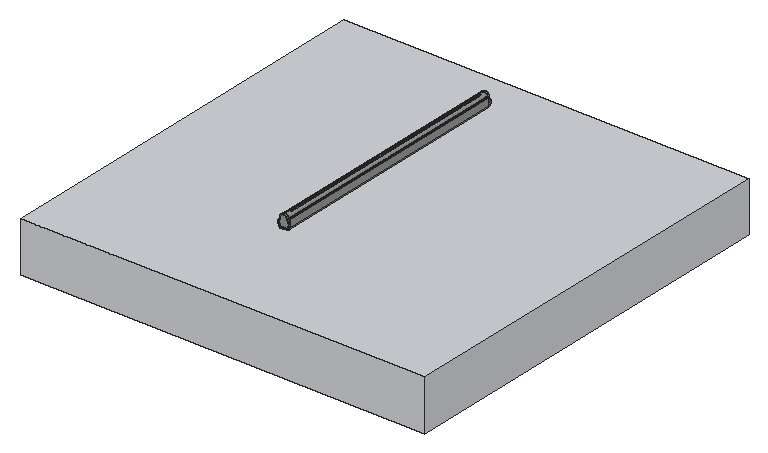
Revit family "L-trade II 65", category Осветительные приборы, Revit 2017 (continued)
Definition of nested family "L-trade II_body"
  Definition of nested family "Trade II торцевая крышка"
    Automatic sketch dimensions
      Extrusion 6 sketch curve to Extrusion 6 sketch curve = 5.503 mm  (x2)
      Extrusion 6 sketch curve to Extrusion 6 sketch curve = 1.526 mm  (x2)
      Extrusion 6 sketch curve to Extrusion 6 sketch curve = 1.35 mm  (x4)
      Extrusion 6 sketch curve to Extrusion 6 sketch curve = 8.271 mm  (x4)
      Extrusion 6 sketch curve to Extrusion 6 sketch curve = 1.531 mm  (x2)
      Extrusion 6 sketch curve to Extrusion 6 sketch curve = 5.501 mm  (x2)
      Extrusion 6 sketch curve to Extrusion 6 sketch curve = 4.46 mm  (x2)
      Extrusion 6 sketch curve to plane 3 "По центру (Влево/Вправо)" = 0.005 mm
      Extrusion 6 sketch curve to Extrusion 6 sketch curve = 4.841 mm
      Extrusion 6 sketch curve to plane 4 "Плоскость низа светильника" = 0.334 mm  (x2)
      Extrusion 6 sketch curve to Extrusion 6 sketch curve = 3.955 mm  (x2)
      Extrusion 6 sketch curve to Extrusion 6 sketch curve = 0.286 mm  (x2)
      Extrusion 6 sketch curve to plane 4 "Плоскость низа светильника" = 5.972 mm  (x2)
      Extrusion 6 sketch curve to plane 3 "По центру (Влево/Вправо)" = 5.642 mm
      Extrusion 6 sketch curve to Extrusion 6 sketch curve = 0.007 mm  (x2)
      Extrusion 6 sketch curve to plane 3 "По центру (Влево/Вправо)" = 16.883 mm
      Extrusion 6 sketch curve to Extrusion 6 sketch curve = 13.881 mm
      Extrusion 6 sketch curve to Extrusion 6 sketch curve = 1.459 mm  (x2)
      Extrusion 6 sketch curve to Extrusion 6 sketch curve = 0.611 mm  (x2)
      Extrusion 6 sketch curve to Extrusion 6 sketch curve = 6.48 mm  (x2)
      Extrusion 6 sketch curve to Extrusion 6 sketch curve = 9.13 mm  (x2)
      Extrusion 6 sketch curve to Extrusion 6 sketch curve = 2.408 mm  (x2)
      Extrusion 6 sketch curve to Extrusion 6 sketch curve = 2.412 mm  (x2)
      Extrusion 6 sketch curve to Extrusion 6 sketch curve = 2.678 mm  (x2)
      Extrusion 6 sketch curve to Extrusion 6 sketch curve = 2.683 mm  (x2)
      Extrusion 6 sketch curve to Extrusion 6 sketch curve = 0.731 mm  (x2)
      plane 3 "По центру (Влево/Вправо)" to Extrusion 6 sketch curve = 5.625 mm
      plane 3 "По центру (Влево/Вправо)" to Extrusion 6 sketch curve = 16.874 mm
      Extrusion 6 sketch curve to Extrusion 6 sketch curve = 13.895 mm
      plane 4 "Плоскость низа светильника" to Extrusion 6 sketch curve = 2.402 mm  (x2)
      Extrusion 6 sketch curve to Extrusion 6 sketch curve = 3.072 mm  (x2)
      Extrusion 6 sketch curve to Extrusion 6 sketch curve = 5.16 mm
      Extrusion 6 sketch curve to plane 4 "Плоскость низа светильника" = 2 mm  (x2)
      Extrusion 6 sketch curve to Extrusion 6 sketch curve = 1.353 mm  (x2)
      Extrusion 7 sketch curve to Extrusion 7 sketch curve = 0 mm  (x4)
      Extrusion 7 sketch curve to plane 4 "Плоскость низа светильника" = 0 mm
      plane 4 "Плоскость низа светильника" to Extrusion 7 sketch curve = 5.829 mm  (x2)
      Extrusion 7 sketch curve to Extrusion 7 sketch curve = 5.503 mm  (x2)
      Extrusion 7 sketch curve to Extrusion 7 sketch curve = 1.526 mm  (x2)
      Extrusion 7 sketch curve to Extrusion 7 sketch curve = 1.35 mm  (x4)
      Extrusion 7 sketch curve to Extrusion 7 sketch curve = 8.271 mm  (x4)
      Extrusion 7 sketch curve to Extrusion 7 sketch curve = 1.531 mm  (x2)
      Extrusion 7 sketch curve to Extrusion 7 sketch curve = 5.501 mm  (x2)
      Extrusion 7 sketch curve to Extrusion 7 sketch curve = 4.46 mm  (x2)
      Extrusion 7 sketch curve to plane 3 "По центру (Влево/Вправо)" = 0.005 mm
      Extrusion 7 sketch curve to Extrusion 7 sketch curve = 4.841 mm
      Extrusion 7 sketch curve to plane 4 "Плоскость низа светильника" = 0.334 mm  (x2)
      Extrusion 7 sketch curve to Extrusion 7 sketch curve = 3.955 mm  (x2)
      Extrusion 7 sketch curve to Extrusion 7 sketch curve = 0.286 mm  (x2)
      Extrusion 7 sketch curve to plane 4 "Плоскость низа светильника" = 5.972 mm  (x2)
      Extrusion 7 sketch curve to plane 3 "По центру (Влево/Вправо)" = 5.642 mm
      Extrusion 7 sketch curve to Extrusion 7 sketch curve = 0.007 mm  (x2)
      Extrusion 7 sketch curve to plane 3 "По центру (Влево/Вправо)" = 16.883 mm
      Extrusion 7 sketch curve to Extrusion 7 sketch curve = 13.881 mm
      Extrusion 7 sketch curve to Extrusion 7 sketch curve = 1.459 mm  (x2)
      Extrusion 7 sketch curve to Extrusion 7 sketch curve = 0.611 mm  (x2)
      Extrusion 7 sketch curve to Extrusion 7 sketch curve = 6.48 mm  (x2)
      Extrusion 7 sketch curve to Extrusion 7 sketch curve = 9.13 mm  (x2)
      Extrusion 7 sketch curve to Extrusion 7 sketch curve = 2.408 mm  (x2)
      Extrusion 7 sketch curve to Extrusion 7 sketch curve = 2.412 mm  (x2)
      Extrusion 7 sketch curve to Extrusion 7 sketch curve = 2.678 mm  (x2)
      Extrusion 7 sketch curve to Extrusion 7 sketch curve = 2.683 mm  (x2)
      Extrusion 7 sketch curve to Extrusion 7 sketch curve = 0.731 mm  (x2)
      plane 3 "По центру (Влево/Вправо)" to Extrusion 7 sketch curve = 5.625 mm
      plane 3 "По центру (Влево/Вправо)" to Extrusion 7 sketch curve = 16.874 mm
      Extrusion 7 sketch curve to Extrusion 7 sketch curve = 13.895 mm
      plane 4 "Плоскость низа светильника" to Extrusion 7 sketch curve = 2.402 mm  (x2)
      Extrusion 7 sketch curve to Extrusion 7 sketch curve = 3.072 mm  (x2)
      Extrusion 7 sketch curve to Extrusion 7 sketch curve = 5.16 mm
      Extrusion 7 sketch curve to plane 4 "Плоскость низа светильника" = 2 mm  (x2)
      Extrusion 7 sketch curve to Extrusion 7 sketch curve = 1.353 mm  (x2)
Types (6, lengths in mm): name | Цветовая температура | Световой поток светильника | Кривая сил света | Wattage | built-in parameter 1150134 | Файл фотометрической сетки | built-in parameter 1150142 | built-in parameter 1150105 | Lumens | built-in parameter 1150107 | built-in parameter 1150106 | Manufacturer | Артикул
  L-trade II 65 4.0K Д | 4000 K | 7605 lm | "Д" | 51.1977 W | 12 | "L-trade II 65-22-D-4.0-03.ies" | "IESNA:LM-63-1995\r\n[TEST]LEDEL\r\n[DATA]17.01.2017\r\n[MANUFAC]LEDEL\r\n[LUMCAT]L-trade II 65/65/Д/4.0/03\r\n[LUMINAIRE]Для освещения торговых залов, промышленных помещений, складов, магазинов, спортивных сооружений и т.д.  \r\n[LAMPCAT]LED\r\n[LAMP]OSRAM DURIS S5\r\nTILT=NONE\r\n\r\n1 7605 1.658307 37 10 1 2 1.531 0.05 0.123\r\n\r\n1 1 65\r\n\r\n 0 2.5 5 7.5 10 12.5 15 17.5 20 22.5 25 27.5 30 32.5 35 37.5 40 42.5 45 47.5\r\n 50 52.5 55 57.5 60 62.5 65 67.5 70 72.5 75 77.5 80 82.5 85 87.5 90\r\n\r\n  0 10 20 30 40 50 60 70 80 90\r\n\r\n  1448 1456 1465 1459 1434 1417 1396 1387 1383 1354 1329 1311 1281 1249 1214\r\n  1167 1135 1093 1050 1004 955 898 842 790 745 685 614 558 497 436\r\n  375 307 242 181 126 65 39\r\n  1449 1455 1464 1457 1433 1415 1396 1387 1385 1360 1334 1315 1285 1254 1221\r\n  1181 1144 1102 1059 1013 961 911 849 798 755 700 626 560 497 434\r\n  371 301 237 176 120 59 39\r\n  1446 1455 1463 1457 1437 1419 1402 1386 1386 1367 1337 1318 1288 1254 1226\r\n  1187 1141 1110 1065 1016 966 920 861 805 762 711 645 578 519 459\r\n  393 327 261 195 142 79 45\r\n  1446 1455 1462 1461 1443 1422 1409 1388 1379 1372 1344 1313 1292 1266 1230\r\n  1195 1156 1111 1073 1024 976 923 870 806 750 704 651 582 514 456\r\n  393 334 265 199 145 84 50\r\n  1446 1454 1462 1461 1447 1427 1411 1395 1371 1361 1347 1320 1287 1263 1235\r\n  1191 1154 1118 1068 1019 972 924 870 813 751 689 638 589 519 450\r\n  390 327 267 206 148 94 52\r\n  1445 1454 1461 1460 1449 1433 1414 1395 1375 1348 1333 1326 1298 1255 1221\r\n  1194 1158 1114 1070 1022 964 917 852 793 731 674 605 546 502 439\r\n  370 313 256 200 141 95 53\r\n  1446 1453 1461 1458 1452 1441 1428 1407 1380 1362 1338 1304 1278 1262 1243\r\n  1196 1146 1105 1065 1015 958 911 855 780 736 671 611 544 480 418\r\n  368 309 249 198 147 99 58\r\n  1447 1454 1458 1455 1449 1445 1432 1419 1396 1372 1343 1310 1281 1254 1215\r\n  1173 1137 1097 1055 1004 943 890 840 772 714 658 590 515 449 386\r\n  323 262 219 167 127 88 52\r\n  1455 1455 1454 1446 1437 1427 1415 1396 1377 1353 1321 1293 1259 1220 1176\r\n  1121 1063 1016 970 915 860 796 738 689 627 546 468 418 339 272\r\n  206 154 106 74 48 28 20\r\n  1453 1452 1452 1449 1443 1436 1425 1412 1396 1376 1352 1327 1293 1265 1234\r\n  1195 1141 1095 1049 999 950 899 826 780 705 632 578 501 435 364\r\n  295 228 169 115 72 40 22\r\n  1455 1452 1447 1432 1418 1398 1384 1368 1355 1329 1289 1253 1215 1176 1132\r\n  1090 1041 993 928 867 814 739 647 556 500 486 437 344 282 217\r\n  153 111 78 55 36 25 22\r\n  1447 1443 1438 1431 1425 1412 1396 1374 1351 1315 1276 1227 1185 1154 1116\r\n  1042 965 916 913 907 845 755 688 630 568 486 419 357 300 242\r\n  190 149 110 70 47 31 29\r\n  1446 1443 1446 1445 1431 1408 1385 1359 1327 1300 1252 1177 1120 1110 1115\r\n  1086 1020 955 910 863 805 738 673 620 554 494 430 368 312 260\r\n  211 161 106 73 47 35 32\r\n  1445 1445 1452 1447 1429 1404 1377 1356 1324 1263 1220 1224 1225 1170 1099\r\n  1054 1021 977 918 854 808 748 695 645 587 527 466 415 356 298\r\n  240 170 126 87 50 37 35\r\n  1446 1448 1455 1447 1428 1403 1377 1340 1278 1267 1296 1269 1209 1168 1128\r\n  1076 1019 958 916 864 809 763 711 653 592 538 481 425 366 301\r\n  228 173 131 83 47 37 35\r\n  1446 1454 1457 1445 1426 1403 1369 1311 1301 1328 1299 1241 1210 1178 1135\r\n  1078 1029 986 933 882 832 775 718 656 604 547 490 430 366 290\r\n  224 175 124 75 44 37 34\r\n  1446 1454 1457 1445 1424 1402 1357 1314 1337 1339 1284 1243 1216 1179 1127\r\n  1076 1035 984 936 896 845 788 726 676 617 559 497 433 362 285\r\n  225 176 120 72 41 37 34\r\n  1449 1459 1456 1440 1421 1391 1343 1326 1355 1329 1277 1253 1225 1186 1130\r\n  1092 1049 999 955 910 858 797 740 689 627 568 508 443 369 293\r\n  235 184 123 72 41 36 34\r\n  1448 1457 1457 1440 1418 1389 1343 1334 1359 1321 1278 1253 1219 1176 1123\r\n  1087 1041 994 951 905 852 790 736 679 621 561 498 432 356 283\r\n  225 172 113 67 40 35 34\r\n\r" | 605.19 (stored number, unit not read) | 7605 lm | 4000 (stored number, unit not read) | 6.0519 (stored number, unit not read) | "" | "323106500843300"
  L-trade II 65 5.0K Д | 5000 K | 7605 lm | "Д" | 51.1977 W | 2 | "L-trade II 65-22-D-5.0-03.ies" | "IESNA:LM-63-1995\r\n[TEST]LEDEL\r\n[DATA]17.01.2017\r\n[MANUFAC]LEDEL\r\n[LUMCAT]L-trade II 65/65/Д/5.0/03\r\n[LUMINAIRE]Для освещения торговых залов, промышленных помещений, складов, магазинов, спортивных сооружений и т.д.  \r\n[LAMPCAT]LED\r\n[LAMP]OSRAM DURIS S5\r\nTILT=NONE\r\n\r\n1 7605 1.658307 37 10 1 2 1.531 0.05 0.123\r\n\r\n1 1 65\r\n\r\n 0 2.5 5 7.5 10 12.5 15 17.5 20 22.5 25 27.5 30 32.5 35 37.5 40 42.5 45 47.5\r\n 50 52.5 55 57.5 60 62.5 65 67.5 70 72.5 75 77.5 80 82.5 85 87.5 90\r\n\r\n  0 10 20 30 40 50 60 70 80 90\r\n\r\n  1448 1456 1465 1459 1434 1417 1396 1387 1383 1354 1329 1311 1281 1249 1214\r\n  1167 1135 1093 1050 1004 955 898 842 790 745 685 614 558 497 436\r\n  375 307 242 181 126 65 39\r\n  1449 1455 1464 1457 1433 1415 1396 1387 1385 1360 1334 1315 1285 1254 1221\r\n  1181 1144 1102 1059 1013 961 911 849 798 755 700 626 560 497 434\r\n  371 301 237 176 120 59 39\r\n  1446 1455 1463 1457 1437 1419 1402 1386 1386 1367 1337 1318 1288 1254 1226\r\n  1187 1141 1110 1065 1016 966 920 861 805 762 711 645 578 519 459\r\n  393 327 261 195 142 79 45\r\n  1446 1455 1462 1461 1443 1422 1409 1388 1379 1372 1344 1313 1292 1266 1230\r\n  1195 1156 1111 1073 1024 976 923 870 806 750 704 651 582 514 456\r\n  393 334 265 199 145 84 50\r\n  1446 1454 1462 1461 1447 1427 1411 1395 1371 1361 1347 1320 1287 1263 1235\r\n  1191 1154 1118 1068 1019 972 924 870 813 751 689 638 589 519 450\r\n  390 327 267 206 148 94 52\r\n  1445 1454 1461 1460 1449 1433 1414 1395 1375 1348 1333 1326 1298 1255 1221\r\n  1194 1158 1114 1070 1022 964 917 852 793 731 674 605 546 502 439\r\n  370 313 256 200 141 95 53\r\n  1446 1453 1461 1458 1452 1441 1428 1407 1380 1362 1338 1304 1278 1262 1243\r\n  1196 1146 1105 1065 1015 958 911 855 780 736 671 611 544 480 418\r\n  368 309 249 198 147 99 58\r\n  1447 1454 1458 1455 1449 1445 1432 1419 1396 1372 1343 1310 1281 1254 1215\r\n  1173 1137 1097 1055 1004 943 890 840 772 714 658 590 515 449 386\r\n  323 262 219 167 127 88 52\r\n  1455 1455 1454 1446 1437 1427 1415 1396 1377 1353 1321 1293 1259 1220 1176\r\n  1121 1063 1016 970 915 860 796 738 689 627 546 468 418 339 272\r\n  206 154 106 74 48 28 20\r\n  1453 1452 1452 1449 1443 1436 1425 1412 1396 1376 1352 1327 1293 1265 1234\r\n  1195 1141 1095 1049 999 950 899 826 780 705 632 578 501 435 364\r\n  295 228 169 115 72 40 22\r\n  1455 1452 1447 1432 1418 1398 1384 1368 1355 1329 1289 1253 1215 1176 1132\r\n  1090 1041 993 928 867 814 739 647 556 500 486 437 344 282 217\r\n  153 111 78 55 36 25 22\r\n  1447 1443 1438 1431 1425 1412 1396 1374 1351 1315 1276 1227 1185 1154 1116\r\n  1042 965 916 913 907 845 755 688 630 568 486 419 357 300 242\r\n  190 149 110 70 47 31 29\r\n  1446 1443 1446 1445 1431 1408 1385 1359 1327 1300 1252 1177 1120 1110 1115\r\n  1086 1020 955 910 863 805 738 673 620 554 494 430 368 312 260\r\n  211 161 106 73 47 35 32\r\n  1445 1445 1452 1447 1429 1404 1377 1356 1324 1263 1220 1224 1225 1170 1099\r\n  1054 1021 977 918 854 808 748 695 645 587 527 466 415 356 298\r\n  240 170 126 87 50 37 35\r\n  1446 1448 1455 1447 1428 1403 1377 1340 1278 1267 1296 1269 1209 1168 1128\r\n  1076 1019 958 916 864 809 763 711 653 592 538 481 425 366 301\r\n  228 173 131 83 47 37 35\r\n  1446 1454 1457 1445 1426 1403 1369 1311 1301 1328 1299 1241 1210 1178 1135\r\n  1078 1029 986 933 882 832 775 718 656 604 547 490 430 366 290\r\n  224 175 124 75 44 37 34\r\n  1446 1454 1457 1445 1424 1402 1357 1314 1337 1339 1284 1243 1216 1179 1127\r\n  1076 1035 984 936 896 845 788 726 676 617 559 497 433 362 285\r\n  225 176 120 72 41 37 34\r\n  1449 1459 1456 1440 1421 1391 1343 1326 1355 1329 1277 1253 1225 1186 1130\r\n  1092 1049 999 955 910 858 797 740 689 627 568 508 443 369 293\r\n  235 184 123 72 41 36 34\r\n  1448 1457 1457 1440 1418 1389 1343 1334 1359 1321 1278 1253 1219 1176 1123\r\n  1087 1041 994 951 905 852 790 736 679 621 561 498 432 356 283\r\n  225 172 113 67 40 35 34\r\n\r" | 605.19 (stored number, unit not read) | 7605 lm | 5000 (stored number, unit not read) | 6.0519 (stored number, unit not read) | "" | "210035"
  L-trade II 65 4.0K К15 | 4000 K | 7411 lm | "К15" | 49.8916 W | 12 | "L-trade II 65-22-K15-4.0-01.ies" | "IESNA:LM-63-1995\r\n[TEST]LEDEL\r\n[DATA]17.01.2017\r\n[MANUFAC]LEDEL\r\n[LUMCAT]L-trade II 65/65/К15/4.0/01\r\n[LUMINAIRE]Для освещения торговых залов, промышленных помещений, складов, магазинов, спортивных сооружений и т.д.  \r\n[LAMPCAT]LED\r\n[LAMP]OSRAM SQUARE\r\nTILT=NONE\r\n\r\n1 7411 1.14597 37 19 1 2 1.531 0.05 0.123\r\n\r\n1 1 65\r\n\r\n  0 2.5 5 7.5 10 12.5 15 17.5 20 22.5 25 27.5 30 32.5 35 37.5 40 42.5 45 47.5\r\n 50 52.5 55 57.5 60 62.5 65 67.5 70 72.5 75 77.5 80 82.5 85 87.5 90\r\n\r\n  0 5 10 15 20 25 30 35 40 45 50 55 60 65 70 75\r\n  80 85 90 \r\n\r\n  31577 30708 27040 21987 16469 11472 7577 4708 2995 2122 1611 1250 953 863 658\r\n  625 522 444 363 308 295 182 227 241 159 137 91 126 114 81\r\n  69 46 46 116 69 11 69\r\n  31509 30761 27290 22294 16742 11699 7759 4893 3108 2133 1611 1271 999 863 681\r\n  601 568 454 363 283 318 287 273 203 182 137 69 102 91 56\r\n  91 46 91 32 69 70 91\r\n  31509 30761 27290 22294 16742 11699 7759 4893 3108 2133 1611 1271 999 863 681\r\n  601 568 454 363 283 318 287 273 203 182 137 69 102 91 56\r\n  91 46 91 32 69 70 91\r\n  31509 30761 27290 22294 16742 11699 7759 4893 3108 2133 1611 1271 999 863 681\r\n  601 568 454 363 283 318 287 273 203 182 137 69 102 91 56\r\n  91 46 91 32 69 70 91\r\n  31509 30761 27290 22294 16742 11699 7759 4893 3108 2133 1611 1271 999 863 681\r\n  601 568 454 363 283 318 287 273 203 182 137 69 102 91 56\r\n  91 46 91 32 69 70 91\r\n  31509 30761 27290 22294 16742 11699 7759 4893 3108 2133 1611 1271 999 863 681\r\n  601 568 454 363 283 318 287 273 203 182 137 69 102 91 56\r\n  91 46 91 32 69 70 91\r\n  31509 30761 27290 22294 16742 11699 7759 4893 3108 2133 1611 1271 999 863 681\r\n  601 568 454 363 283 318 287 273 203 182 137 69 102 91 56\r\n  91 46 91 32 69 70 91\r\n  31509 30761 27290 22294 16742 11699 7759 4893 3108 2133 1611 1271 999 863 681\r\n  601 568 454 363 283 318 287 273 203 182 137 69 102 91 56\r\n  91 46 91 32 69 70 91\r\n  31509 30761 27290 22294 16742 11699 7759 4893 3108 2133 1611 1271 999 863 681\r\n  601 568 454 363 283 318 287 273 203 182 137 69 102 91 56\r\n  91 46 91 32 69 70 91\r\n  31509 30761 27290 22294 16742 11699 7759 4893 3108 2133 1611 1271 999 863 681\r\n  601 568 454 363 283 318 287 273 203 182 137 69 102 91 56\r\n  91 46 91 32 69 70 91\r\n  31509 30761 27290 22294 16742 11699 7759 4893 3108 2133 1611 1271 999 863 681\r\n  601 568 454 363 283 318 287 273 203 182 137 69 102 91 56\r\n  91 46 91 32 69 70 91\r\n  31509 30761 27290 22294 16742 11699 7759 4893 3108 2133 1611 1271 999 863 681\r\n  601 568 454 363 283 318 287 273 203 182 137 69 102 91 56\r\n  91 46 91 32 69 70 91\r\n  31509 30761 27290 22294 16742 11699 7759 4893 3108 2133 1611 1271 999 863 681\r\n  601 568 454 363 283 318 287 273 203 182 137 69 102 91 56\r\n  91 46 91 32 69 70 91\r\n  31509 30761 27290 22294 16742 11699 7759 4893 3108 2133 1611 1271 999 863 681\r\n  601 568 454 363 283 318 287 273 203 182 137 69 102 91 56\r\n  91 46 91 32 69 70 91\r\n  31509 30761 27290 22294 16742 11699 7759 4893 3108 2133 1611 1271 999 863 681\r\n  601 568 454 363 283 318 287 273 203 182 137 69 102 91 56\r\n  91 46 91 32 69 70 91\r\n  31509 30761 27290 22294 16742 11699 7759 4893 3108 2133 1611 1271 999 863 681\r\n  601 568 454 363 283 318 287 273 203 182 137 69 102 91 56\r\n  91 46 91 32 69 70 91\r\n  31509 30761 27290 22294 16742 11699 7759 4893 3108 2133 1611 1271 999 863 681\r\n  601 568 454 363 283 318 287 273 203 182 137 69 102 91 56\r\n  91 46 91 32 69 70 91\r\n  31509 30761 27290 22294 16742 11699 7759 4893 3108 2133 1611 1271 999 863 681\r\n  601 568 454 363 283 318 287 273 203 182 137 69 102 91 56\r\n  91 46 91 32 69 70 91\r\n  31509 30761 27290 22294 16742 11699 7759 4893 3108 2133 1611 1271 999 863 681\r\n  601 568 454 363 283 318 287 273 203 182 137 69 102 91 56\r\n  91 46 91 32 69 70 91\r\n  31509 29215 24772 19310 13883 9353 5921 3672 2382 1770 1384 1100 863 681 636\r\n  545 454 409 341 273 273 182 182 137 159 137 114 126 114 91\r\n  69 91 46 46 46 46 23\r\n  31509 29215 24772 19310 13883 9353 5921 3672 2382 1770 1384 1100 863 681 636\r\n  545 454 409 341 273 273 182 182 137 159 137 114 126 114 91\r\n  69 91 46 46 46 46 23\r\n  31509 29215 24772 19310 13883 9353 5921 3672 2382 1770 1384 1100 863 681 636\r\n  545 454 409 341 273 273 182 182 137 159 137 114 126 114 91\r\n  69 91 46 46 46 46 23\r\n  31509 29215 24772 19310 13883 9353 5921 3672 2382 1770 1384 1100 863 681 636\r\n  545 454 409 341 273 273 182 182 137 159 137 114 126 114 91\r\n  69 91 46 46 46 46 23\r\n  31509 29215 24772 19310 13883 9353 5921 3672 2382 1770 1384 1100 863 681 636\r\n  545 454 409 341 273 273 182 182 137 159 137 114 126 114 91\r\n  69 91 46 46 46 46 23\r\n  31509 29215 24772 19310 13883 9353 5921 3672 2382 1770 1384 1100 863 681 636\r\n  545 454 409 341 273 273 182 182 137 159 137 114 126 114 91\r\n  69 91 46 46 46 46 23\r\n  31509 29215 24772 19310 13883 9353 5921 3672 2382 1770 1384 1100 863 681 636\r\n  545 454 409 341 273 273 182 182 137 159 137 114 126 114 91\r\n  69 91 46 46 46 46 23\r\n  31509 29215 24772 19310 13883 9353 5921 3672 2382 1770 1384 1100 863 681 636\r\n  545 454 409 341 273 273 182 182 137 159 137 114 126 114 91\r\n  69 91 46 46 46 46 23\r\n  31509 29215 24772 19310 13883 9353 5921 3672 2382 1770 1384 1100 863 681 636\r\n  545 454 409 341 273 273 182 182 137 159 137 114 126 114 91\r\n  69 91 46 46 46 46 23\r\n  31509 29215 24772 19310 13883 9353 5921 3672 2382 1770 1384 1100 863 681 636\r\n  545 454 409 341 273 273 182 182 137 159 137 114 126 114 91\r\n  69 91 46 46 46 46 23\r\n  31509 29215 24772 19310 13883 9353 5921 3672 2382 1770 1384 1100 863 681 636\r\n  545 454 409 341 273 273 182 182 137 159 137 114 126 114 91\r\n  69 91 46 46 46 46 23\r\n  31509 29215 24772 19310 13883 9353 5921 3672 2382 1770 1384 1100 863 681 636\r\n  545 454 409 341 273 273 182 182 137 159 137 114 126 114 91\r\n  69 91 46 46 46 46 23\r\n  31509 29215 24772 19310 13883 9353 5921 3672 2382 1770 1384 1100 863 681 636\r\n  545 454 409 341 273 273 182 182 137 159 137 114 126 114 91\r\n  69 91 46 46 46 46 23\r\n  31509 29215 24772 19310 13883 9353 5921 3672 2382 1770 1384 1100 863 681 636\r\n  545 454 409 341 273 273 182 182 137 159 137 114 126 114 91\r\n  69 91 46 46 46 46 23\r\n  31509 29215 24772 19310 13883 9353 5921 3672 2382 1770 1384 1100 863 681 636\r\n  545 454 409 341 273 273 182 182 137 159 137 114 126 114 91\r\n  69 91 46 46 46 46 23\r\n  31509 29215 24772 19310 13883 9353 5921 3672 2382 1770 1384 1100 863 681 636\r\n  545 454 409 341 273 273 182 182 137 159 137 114 126 114 91\r\n  69 91 46 46 46 46 23\r\n  31509 29215 24772 19310 13883 9353 5921 3672 2382 1770 1384 1100 863 681 636\r\n  545 454 409 341 273 273 182 182 137 159 137 114 126 114 91\r\n  69 91 46 46 46 46 23\r\n  31577 29407 25044 19617 14156 9570 6057 3832 2450 1780 1384 1124 863 681 636\r\n  545 454 409 341 283 295 203 227 137 137 137 114 91 91 91\r\n  69 91 23 35 46 46 46\r\n\r\n" | 589.75 (stored number, unit not read) | 7411 lm | 4000 (stored number, unit not read) | 5.8975 (stored number, unit not read) | "" | "323106502741300"
